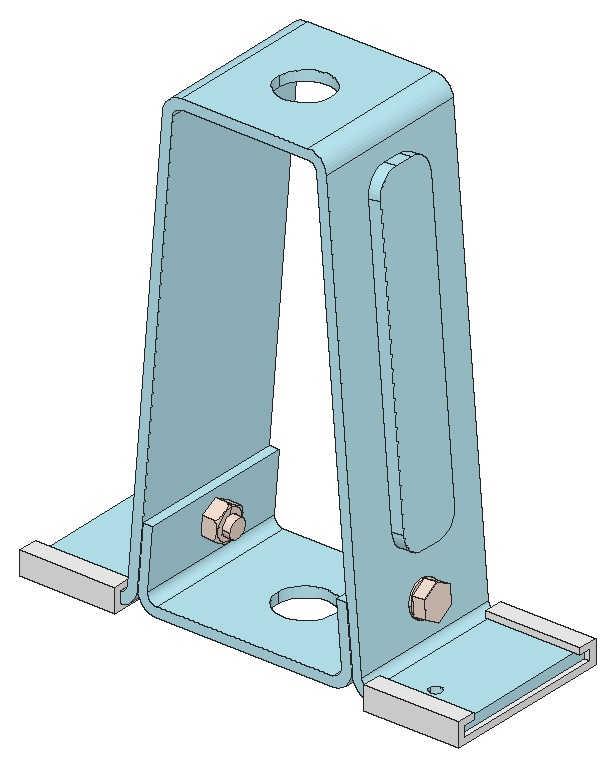
Revit family "スタンダードスタンド　H=150", category 機械設備, Revit 2020
Family settings
  丸型コネクタ寸法 = 直径を使用
  種別 = なし
  パーツ タイプ = 標準
  作業面ベース = いいえ
  常に垂直 = はい
  ロード時にボイドで切り取り = いいえ
  共有 = いいえ
  部屋計算ポイント = いいえ
Parameters
  製造元 = "株式会社桐井製作所"
  既定の高さ = 0 mm
  URL = "https://www.kirii.co.jp/"
  K_表面処理 = "Z12以上"
  K_材質 = "溶融亜鉛めっき鋼板及び鋼帯及び鋼帯 JIS G 3302"
  K_名称 = "スタンド(スタンダードタイプ用)H=150"
  K_単位質量(kg/個) = 0.666
  K_備考 = "ボルト長さ400mmまで対応"
  K_バージョン情報 = "20221219"
Reference planes
  plane 1 "中心(正面/背面)": y = 0
  plane 2: z = 0
  plane 3 "中心(左/右)": x = 0
Forms (mm)
  Extrusion 1, solid
    sketch origin (0, 0, 0) x (1, 0, 0) y (0, 0, 1)
      loop
        line (-33.933, 7.52) -> (-22.81, 146.225)
        arc (-22.81, 146.225) -> (-21.918, 148.058) -> (-20.019, 148.801) r 2.8
        line (-20.019, 148.801) -> (20.015, 148.801)
        arc (20.015, 148.801) -> (21.916, 148.057) -> (22.806, 146.22) r 2.8
        line (22.806, 146.22) -> (33.946, 7.52)
        arc (33.946, 7.52) -> (35.857, 3.591) -> (39.927, 2) r 6
        line (39.927, 2) -> (67.5, 2) -> (67.5, 5.2) -> (39.927, 5.2)
        arc (39.927, 5.2) -> (38.027, 5.942) -> (37.135, 7.776) r 2.8
        line (37.135, 7.776) -> (26.006, 146.471)
        arc (26.006, 146.471) -> (24.088, 150.406) -> (20.015, 152.001) r 6
        line (20.015, 152.001) -> (-20.019, 152.001)
        arc (-20.019, 152.001) -> (-24.089, 150.41) -> (-26, 146.48) r 6
        line (-26, 146.48) -> (-37.123, 7.776)
        arc (-37.123, 7.776) -> (-38.015, 5.943) -> (-39.914, 5.2) r 2.8
        line (-39.914, 5.2) -> (-67.5, 5.2) -> (-67.5, 2) -> (-39.914, 2)
        arc (-39.914, 2) -> (-35.844, 3.591) -> (-33.933, 7.52) r 6
    from -25 to 25
  Extrusion 2, solid
    sketch origin (0, 0, 0) x (0, 1, 0) y (0, 0, 1)
      loop
        line (-21, 7.4) -> (-27, 7.4) -> (-27, 0) -> (27, 0) -> (27, 7.4) -> (21, 7.4) -> (21, 5.4) -> (25, 5.4) -> (25, 2) -> (-25, 2) -> (-25, 5.4) -> (-21, 5.4) -> (-21, 7.4)
    from -69.5 to -39.5
  Extrusion 3, solid
    sketch origin (99, 0, 0) x (0, 1, 0) y (0, 0, 1)
      loop
        line (-21, 7.4) -> (-27, 7.4) -> (-27, 0) -> (27, 0) -> (27, 7.4) -> (21, 7.4) -> (21, 5.4) -> (25, 5.4) -> (25, 2) -> (-25, 2) -> (-25, 5.4) -> (-21, 5.4) -> (-21, 7.4)
    from -59.5 to -29.5
  Extrusion 4, void
    sketch origin (0, -0.938, 0) x (1, 0, 0) y (0, 1, 0)
      loop
        circle (0, 0) r 8.5
    from 148.801 to 152.001
  Extrusion 5, solid
    sketch origin (0, 0, 0) x (1, 0, 0) y (0, 0, 1)
      loop
        line (-29.141, 27.244) -> (-32.331, 27.5) -> (-33.856, 8.48)
        arc (-33.856, 8.48) -> (-32.284, 3.93) -> (-27.875, 2) r 6
        line (-27.875, 2) -> (27.888, 2)
        arc (27.888, 2) -> (32.297, 3.931) -> (33.869, 8.48) r 6
        line (33.869, 8.48) -> (32.342, 27.5) -> (29.153, 27.244) -> (30.679, 8.224)
        arc (30.679, 8.224) -> (29.945, 6.101) -> (27.888, 5.2) r 2.8
        line (27.888, 5.2) -> (-27.875, 5.2)
        arc (-27.875, 5.2) -> (-29.933, 6.101) -> (-30.666, 8.224) r 2.8
        line (-30.666, 8.224) -> (-29.141, 27.244)
    from -25 to 25
  Extrusion 6, void
    sketch origin (-22.473, 0, 2.238) x (0, 1, 0) y (-0.079851, 0, -0.996807)
      loop
        circle (0, -15.811) r 3.5
    from 11.844 to 15.044
  Extrusion 7, void
    sketch origin (-19.276, 0, 2.065) x (0, 1, 0) y (-0.079851, 0, -0.996807)
      loop
        circle (0, -15.811) r 3.5
    from 11.844 to 15.044
  Extrusion 8, void
    sketch origin (22.473, 0, 2.238) x (0, 1, 0) y (-0.079851, 0, 0.996807)
      loop
        circle (0, 15.811) r 3.5
    from 11.844 to 15.044
  Extrusion 9, void
    sketch origin (19.276, 0, 2.065) x (0, 1, 0) y (-0.079851, 0, 0.996807)
      loop
        circle (0, 15.811) r 3.5
    from 11.844 to 15.044
  Extrusion 10, solid
    sketch origin (-7.421, 0, -2.469) x (0, 1, 0) y (0.079934, 0, 0.9968)
      loop
        arc (10, 134.18) -> (7.95, 139.13) -> (3, 141.18) r 7
        line (3, 141.18) -> (-3, 141.18)
        arc (-3, 141.18) -> (-7.95, 139.13) -> (-10, 134.18) r 7
        line (-10, 134.18) -> (-10, 41.821)
        arc (-10, 41.821) -> (-7.95, 36.871) -> (-3, 34.821) r 7
        line (-3, 34.821) -> (3, 34.821)
        arc (3, 34.821) -> (7.95, 36.871) -> (10, 41.821) r 7
        line (10, 41.821) -> (10, 134.18)
    from -34.425 to -30.425
  Extrusion 11, solid
    sketch origin (7.421, 0, -2.469) x (0, 1, 0) y (0.079934, 0, -0.9968)
      loop
        line (10, -134.18) -> (10, -41.821)
        arc (10, -41.821) -> (7.95, -36.871) -> (3, -34.821) r 7
        line (3, -34.821) -> (-3, -34.821)
        arc (-3, -34.821) -> (-7.95, -36.871) -> (-10, -41.821) r 7
        line (-10, -41.821) -> (-10, -134.18)
        arc (-10, -134.18) -> (-7.95, -139.13) -> (-3, -141.18) r 7
        line (-3, -141.18) -> (3, -141.18)
        arc (3, -141.18) -> (7.95, -139.13) -> (10, -134.18) r 7
    from -34.425 to -30.425
  Extrusion 12, void
    sketch origin (0, 0, 0) x (1, 0, 0) y (0, 1, 0)
      loop
        circle (-52.5, 15) r 2
      loop
        circle (52.5, -15) r 2
    from 0 to 5.4
  Extrusion 13, void
    sketch origin (0, 0, 0) x (1, 0, 0) y (0, 1, 0)
      loop
        circle (0, -0.937) r 8.9
    from 2 to 5.2
Cuts and joins
  Extrusion 4, Extrusion 6, Extrusion 7, Extrusion 8, Extrusion 12 cuts Extrusion 1
  Extrusion 12 cuts Extrusion 10
  Extrusion 12 cuts Extrusion 11
  joined: Extrusion 1, Extrusion 10, Extrusion 11
  Extrusion 7, Extrusion 9, Extrusion 13 cuts Extrusion 5
  Extrusion 12 cuts Extrusion 2
  Extrusion 12 cuts Extrusion 3
Dimensions and locks
  aligned and locked: level to plane 2
Nested families
  nested 1: "M10×25ボルト" at (-41.19, 0, 19.681) x (0, -1, 0) z (0.0799, 0, 0.9968), type "M10×25ボルト"
  nested 2: "M10×25ボルト" at (41.19, 0, 19.681) x (0, -1, 0) z (-0.0799, 0, 0.9968), type "M10×25ボルト"
  nested 3: "ナット(床)" at (-29.807, 0.027, 18.935) x (0.0799, 0, 0.9968) z (0.9968, 0, -0.0799), type "ナット(床)"
  nested 4: "ナット(床)" at (29.819, 0.027, 18.936) x (-0.08, 0, 0.9968) z (-0.9968, 0, -0.08), type "ナット(床)"
Definition of nested family "M10×25ボルト"
  Parameters (values of type "M10×25ボルト")
    Manufacturer = "株式会社桐井製作所"
    Default Elevation = 0 mm
    URL = "https://www.kirii.co.jp/"
    K_材料規格 = "M10×L25"
    K_品名 = "M10×25ボルト"
    K_名称 = "M10×25ボルト"
  Reference planes
    plane 1 "中心(正面/背面)": y = 0
    plane 2: z = 0
    plane 3 "中心(左/右)": x = 0
    plane 4 "正面": y = -4
    plane 5: z = 6.928
    plane 6: z = -6.928
  Forms (mm)
    Extrusion 1, solid
      sketch origin (0, 0, 0) x (1, 0, 0) y (0, 0, 1)
        loop
          line (4.98, 2.875) -> (0, 5.75) -> (-4.98, 2.875) -> (-4.98, -2.875) -> (0, -5.75) -> (4.98, -2.875) -> (4.98, 2.875)
      from 0 to 4
    Extrusion 2, solid
      sketch origin (0, 0, 25.676) x (1, 0, 0) y (0, 0, 1)
        loop
          circle (0, -25.676) r 3
      from 4 to 19
    Extrusion 3, solid
      sketch origin (0, 0, 0) x (1, 0, 0) y (0, 0, 1)
        loop
          circle (0, 0) r 5.5
      from 4 to 5
  Cuts and joins
    joined: Extrusion 1, Extrusion 2
  Lines and regions (mm)
    model lines
      curve 1: circle (0, 0, 0) r 3 normal (0, -1, 0)
  Dimensions and locks
    aligned and locked: level to plane 2
Definition of nested family "ナット(床)"
  Parameters (values of type "ナット(床)")
    Default Elevation = 1219.2 mm
  Reference planes
    plane 1 "中心(正面/背面)": y = 0
    plane 2: z = 0
    plane 3 "中心(左/右)": x = 0
  Forms (mm)
    Extrusion 1, solid
      sketch origin (0, 0, 0) x (1, 0, 0) y (0, 1, 0)
        loop
          line (-55, 45) -> (-55, -45.273) -> (55.986, -45.273) -> (55.986, 45) -> (-55, 45)
      from 0 to -304.8
    Revolve 2, solid
      sketch origin (0, 0, 2.36) x (1, 0, 0) y (0, 0, 1)
        loop
          line (4.792, 2.64) -> (3, 2.64) -> (3, -2.36) -> (5.818, -2.36) -> (5.818, 1.64)
          arc (5.818, 1.64) -> (5.516, 2.356) -> (4.792, 2.64) r 1
        axis (0, 2.64) -> (0, -2.36)
      angle from 0 to 360
    Extrusion 3, void
      sketch origin (0, 0, 0) x (1, 0, 0) y (0, 1, 0)
        loop
          circle (0, 0) r 6
        loop
          line (5.818, 0) -> (2.909, 5.038) -> (-2.909, 5.038) -> (-5.818, 0) -> (-2.909, -5.038) -> (2.909, -5.038) -> (5.818, 0)
      from 0 to 5
  Cuts and joins
    Extrusion 3 cuts Revolve 2
  Dimensions and locks
    aligned and locked: plane 2 to Extrusion 1
    aligned and locked: level to Extrusion 1
